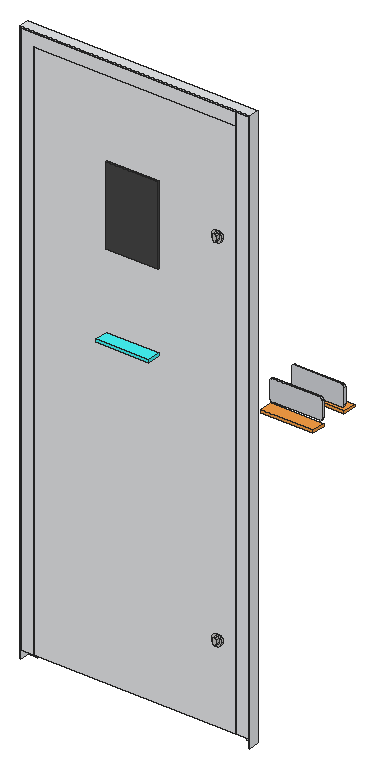
Revit family "VZ-PORTA-FERRO SIMPLES", category Doors, host Wall, Revit 2019
Family settings
  Host = Wall
  OmniClass Number = 23.30.10.00
  OmniClass Title = Doors
  Always vertical = Yes
  Cut with Voids When Loaded = No
  Shared = No
  Room Calculation Point = No
Parameters (values of type "PF01-80x210")
  VZA_CODIGO CLIENTE = "PF01"
  VZA_ACESSIBILIDADE = no
  Profundidade_Perfil = 4.00 cm
  PT_TIPO = "FERRO"
  PT_PUXADOR_FIXO = yes
  PT_MOLA_AEREA = yes
  PT_MAÇANETA_DESIGN_420 = no
  PT_LARGURA OSSO = Width + (2 * Batente)  # 88.00 cm
  PT_HDL_C90 = yes
  PT_FECHADURAS TETRA = yes
  PT_ALTURA OSSO = Height + (1 * Batente)  # 214.00 cm
  Model = ""
  Mat_Batente = .VZ-PINTURA-ESMALTE-BRANCO CORAL CORALIT
  Mat_Folha = .VZ-PINTURA-ESMALTE-BRANCO CORAL CORALIT
  Mat_Fechadura = .VZ-METAL-AÇO INOXIDÁVEL
  Largura_Folha = 87.00 cm
  Rough Width = 88.00 cm
  ID.G [instance] = VZ-CV-ID.G-PLACA DE PORTA GERAL : ID.G.02- ALMOXARIFADO
  Description = "PORTA CEGA, 01 FOLHA DE ABRIR EM AÇO DUPLA LISA, REVESTIDA EM ESMALTE BRANCO CORAL CORALIT E FIXADA COM GRAPAS METÁLICAS, COM FECHO ELÉTRICO 12V EMBUTIDO NO MARCO HDL C90 E PUXADOR FIXO PAPAIZ  (REF. 500, ACABAMENTO ACETINADO) TANTO NO LADO EXTERNO QUANTO NO LADO INTERNO DA PORTA, COM MOLA AÉREA DORMA POTÊNCIA 2, DUAS FECHADURAS TETRA COM A MESMA COMBINAÇÃO"
  Analytic Construction = "<Nenhum>"
  Function = Interior
  Esp_Perfil = 0.50 cm  # constant formula
  Esp_Marco = 3.50 cm  # constant formula
  Esp_Folha = 3.70 cm  # constant formula
  Deslocamento_Fechadura = 4.35 cm
  CV - Lado contrario da abertura [instance] = yes
  CV - Lado abertura da porta [instance] = yes
  CV - Distância do marco [instance] = 9.005 cm
  CONTRAPISO [instance] = 3.00 cm
  Batente = 4.00 cm  # constant formula
  Altura_Folha = 213.50 cm
  Altura_Fechadura = 110.00 cm
  Rough Height = 214.00 cm
  Height = 210.00 cm
  Wall Closure = By host
  Width = 80.00 cm
  AC.G [instance] = VZ-CV-AC.G-PLACA TÁTIL DE PORTA : AC.G.02- ALMOXARIFADO
Types (2, lengths in cm): name | VZA_CODIGO CLIENTE | PT_PUXADOR_FIXO | PT_MAÇANETA_DESIGN_420 | PT_HDL_C90 | Description | Deslocamento_Fechadura
  PF01-80x210 | "PF01" | yes | no | yes | "PORTA CEGA, 01 FOLHA DE ABRIR EM AÇO DUPLA LISA, REVESTIDA EM ESMALTE BRANCO CORAL CORALIT E FIXADA COM GRAPAS METÁLICAS, COM FECHO ELÉTRICO 12V EMBUTIDO NO MARCO HDL C90 E PUXADOR FIXO PAPAIZ  (REF. 500, ACABAMENTO ACETINADO) TANTO NO LADO EXTERNO QUANTO NO LADO INTERNO DA PORTA, COM MOLA AÉREA DORMA POTÊNCIA 2, DUAS FECHADURAS TETRA COM A MESMA COMBINAÇÃO" | 4.35
  PF02-80x210 | "PF02" | no | yes | no | "PORTA CEGA, 1 FOLHA DE ABRIR DE AÇO, REVESTIDA EM ESMALTE BRANCO CORAL CORALIT, DOBRADIÇA PAPAIZ  MODELO 1296 DE AÇO INOX 76X63MM ACETINADA, MAÇANETA E FECHADURA PAPAIZ (REF. DESIGN 420 ACETINADA) COM DUAS FECHADURAS TETRA COM A MESMA COMBINAÇÃO. MOLA AÉREA DORMA POTÊNCIA 2." | 8.20
Reference planes (cm)
  plane 1: y = 0
  plane 2 "Centro (Esquerda/Direita)": x = 0
  plane 3 "Esquerda": x = -44
  plane 4 "Direita": x = 44
  plane 5: z = 214
  plane 6 "Exterior": y = 5
  plane 7 "Interior": y = -5
  plane 8: x = -40
  plane 9: x = 40
  plane 10: z = 110
  plane 11: x = 43.5
  plane 12: x = -43.5
  plane 13: x = 35.65
  plane 14: y = -4
  plane 15: y = -0.5
  plane 16: x = -38.5
  plane 17: x = 38.5
  plane 18: z = 112.5
  plane 19: z = 107.5
  plane 20: y = -3.5
  plane 21: y = -1
  plane 22: z = 5
  plane 23: z = 208.5
  plane 24: z = 213.5
  plane 25: z = -3
  plane 26: x = 31.8
  plane 27: x = 53.005
  plane 28: y = -91
  plane 29: y = -83
  plane 30: y = -76
Forms (cm)
  Sweep 1, solid, material ".VZ-PINTURA-ESMALTE-BRANCO CORAL CORALIT" <- "Mat_Batente"
    path in 3D
      loop
        line (44, 5, -3) -> (44, 5, 214) -> (-44, 5, 214) -> (-44, 5, -3)
    profile origin (-44, 5, 105.5) x (1, 0, 0) y (0, 1, 0)
      loop
        line (0, -5) -> (0, -9) -> (0.5, -9) -> (0.5, -5.5) -> (4, -5.5) -> (4, -5) -> (0, -5)
  Sweep 2, solid, material ".VZ-PINTURA-ESMALTE-BRANCO CORAL CORALIT" <- "Mat_Folha"
    path in 3D
      loop
        line (44, 5, 0) -> (44, 5, 214) -> (-44, 5, 214) -> (-44, 5, 0)
    profile origin (-44, 5, 107) x (1, 0, 0) y (0, 1, 0)
      loop
        line (0.5, -9) -> (5.5, -9) -> (5.5, -5.5) -> (0.5, -5.5) -> (0.5, -9)
  Extrusion 3, solid, material ".VZ-PINTURA-ESMALTE-BRANCO CORAL CORALIT" <- "Mat_Folha"
    sketch origin (0, 5, 0) x (1, 0, 0) y (0, 0, 1)
      loop
        line (-38.5, 112.5) -> (-38.5, 107.5) -> (38.5, 107.5) -> (38.5, 112.5) -> (-38.5, 112.5)
    from 6 to 8.5
  Extrusion 4, solid, material ".VZ-PINTURA-ESMALTE-BRANCO CORAL CORALIT" <- "Mat_Folha"
    sketch origin (0, 0, 0) x (1, 0, 0) y (0, 1, 0)
      loop
        line (-38.5, -4) -> (38.5, -4) -> (38.5, -3.5) -> (-38.5, -3.5) -> (-38.5, -4)
    from 0 to 213.5
  Extrusion 5, solid
    sketch origin (0, -4.5, 0) x (1, 0, 0) y (0, 1, 0)
      loop
        line (-38.5, 4) -> (-38.5, 3.5) -> (38.5, 3.5) -> (38.5, 4) -> (-38.5, 4)
    from 0 to 213.5
  Extrusion 6, solid, material ".VZ-PINTURA-ESMALTE-BRANCO CORAL CORALIT" <- "Mat_Folha"
    sketch origin (0, 5, -105.5) x (1, 0, 0) y (0, 0, 1)
      loop
        line (-38.5, 110.5) -> (-38.5, 105.5) -> (38.5, 105.5) -> (38.5, 110.5) -> (-38.5, 110.5)
    from 6 to 8.5
Lines and regions (cm)
  Opening 1
    outline origin (-305, -5, 0) x (1, 0, 0) y (0, 0, 1)
      loop
        line (261, -3) -> (349, -3) -> (349, 214) -> (261, 214) -> (261, -3)
  symbolic lines, style "Giro da elevação"
    curve 1: line (38.5, -5, 110) -> (-44, -5, 214)
    curve 2: line (38.5, -5, 110) -> (-44, -5, 0)
  sketch lines
    curve 3: line (-44, 5, 214) -> (-44, 5, -3)
    curve 4: line (44, 5, 214) -> (-44, 5, 214)
    curve 5: line (44, 5, -3) -> (44, 5, 214)
    curve 6: line (-44, 5, 214) -> (-44, 5, 0)
    curve 7: line (44, 5, 214) -> (-44, 5, 214)
    curve 8: line (44, 5, 0) -> (44, 5, 214)
Text (cm)
  text "Exterior" at (-229.5016, 109.9543, 0), in view "Nível de referência"
  text "Exterior" at (0, 161.538, 369.8081), in view "Esquerda"
  text "Exterior" at (0, 103.6032, 387.4932), in view "Direita"
Dimensions and locks (cm)
  equal spacing: plane 3 "Esquerda", plane 2 "Centro (Esquerda/Direita)", plane 4 "Direita"
  "Rough Width": plane 3 "Esquerda" to plane 4 "Direita"
  "Rough Height": plane 5 to level
  host wall to plane 5 = 240.6571 cm  (x2)
  locked: plane 6 "Exterior" to host wall at 0
  locked: plane 7 "Interior" to host wall
  "Altura_Fechadura": level to plane 10
  "Batente": plane 3 "Esquerda" to plane 8
  "Batente": plane 9 to plane 4 "Direita"
  "Esp_Perfil": plane 11 to plane 4 "Direita"
  "Esp_Perfil": plane 3 "Esquerda" to plane 12
  "Profundidade_Perfil": host wall to plane 14
  "Esp_Perfil": host wall to plane 15
  plane 12 to plane 16 = 5.00 cm
  plane 17 to plane 11 = 5.00 cm
  plane 19 to plane 10 to plane 18 = 2.50 cm locked, 2.50 cm locked
  "Esp_Perfil": plane 20 to plane 14
  "Esp_Perfil": plane 15 to plane 21
  plane 22 to level = 5.00 cm
  Extrusion 4 to host wall = 3.50 cm
  "Deslocamento_Fechadura": plane 13 to plane 9
  locked: plane 5 to plane 23 at 5.5
  "CONTRAPISO": plane 25 to level
  Extrusion 5 to plane 13 = 2.85 cm
  "CV - Distância do marco": plane 4 "Direita" to plane 27
  nested 4 to nested 4 to nested 4 to nested 4 = 2.00 cm, 10.00 cm, 2.00 cm
  plane 28 to plane 29 = 8.00 cm
  plane 28 to plane 30 = 15.00 cm
  aligned and locked: plane 3 "Esquerda" to Opening 1 sketch curve
  aligned and locked: plane 5 to Opening 1 sketch curve  (x2)
  aligned and locked: Opening 1 sketch curve to plane 4 "Direita"
  aligned and locked: plane 1 to host wall
  aligned and locked: host wall to Sweep 1 sketch curve
  aligned and locked: Sweep 1 sketch curve to plane 8
  aligned and locked: plane 15 to Sweep 1 sketch curve
  aligned and locked: plane 12 to Sweep 1 sketch curve
  aligned and locked: plane 14 to Sweep 1 sketch curve
  aligned and locked: profile plane to Sweep 1 sketch curve
  aligned and locked: plane 12 to Sweep 2 sketch curve
  aligned and locked: plane 15 to Sweep 2 sketch curve
  aligned and locked: Sweep 2 sketch curve to plane 16
  aligned and locked: Extrusion 3 sketch curve to plane 19
  aligned and locked: plane 18 to Extrusion 3 sketch curve
  aligned and locked: plane 16 to Extrusion 3
  aligned and locked: plane 17 to Extrusion 3
  aligned and locked: plane 17 to Extrusion 4 sketch curve
  aligned and locked: plane 16 to Extrusion 4 sketch curve
  aligned and locked: Extrusion 4 sketch curve to plane 14
  aligned and locked: Extrusion 4 sketch curve to plane 20
  aligned and locked: Extrusion 5 sketch curve to plane 21
  aligned and locked: Extrusion 5 sketch curve to plane 16
  aligned and locked: Extrusion 5 sketch curve to plane 15
  aligned and locked: Extrusion 5 sketch curve to plane 17
  aligned and locked: Extrusion 6 to level
  aligned and locked: plane 22 to Extrusion 6
  aligned and locked: plane 12 to nested 1
  aligned and locked: nested 1 to plane 14
  aligned and locked: plane 14 to nested 3
  aligned and locked: plane 15 to nested 2
  aligned and locked: plane 21 to Extrusion 3
  aligned and locked: Extrusion 3 to plane 20
  aligned and locked: plane 21 to Extrusion 6
  aligned and locked: Extrusion 6 to plane 20
  aligned and locked: Extrusion 4 to level
  aligned and locked: Extrusion 5 to level
  aligned and locked: plane 24 to Extrusion 5
  aligned and locked: plane 24 to Extrusion 4
  aligned and locked: plane 25 to Opening 1 sketch curve
  aligned and locked: plane 10 to nested 4
  aligned and locked: plane 10 to nested 5
  aligned and locked: plane 10 to nested 2
  aligned and locked: nested 7 to plane 13
  aligned and locked: nested 8 to plane 13
  aligned and locked: plane 26 to nested 9
  aligned and locked: plane 26 to nested 10
  aligned and locked: plane 26 to nested 3
  aligned and locked: plane 10 to nested 3
  aligned and locked: plane 7 "Interior" to nested 12
  aligned and locked: nested 11 to plane 7 "Interior"
  aligned and locked: plane 6 "Exterior" to nested 13
  aligned and locked: plane 2 "Centro (Esquerda/Direita)" to nested 12
  aligned and locked: plane 2 "Centro (Esquerda/Direita)" to nested 13
  aligned and locked: plane 27 to nested 11  (x2)
  aligned and locked: plane 7 "Interior" to nested 11
  aligned and locked: nested 15 to plane 29
  aligned and locked: plane 12 to nested 15
  aligned and locked: nested 14 to plane 6 "Exterior"
  aligned and locked: plane 27 to nested 14
Automatic sketch dimensions
  Sweep 2 sketch curve to Sweep 2 sketch curve = 3.50 cm
  plane 16 to Extrusion 3 sketch curve = 0.00 cm
  Extrusion 3 sketch curve to plane 17 = 0.00 cm
  Extrusion 6 sketch curve to level = 0.00 cm
  plane 16 to Extrusion 6 sketch curve = 0.00 cm
  Extrusion 6 sketch curve to plane 17 = 0.00 cm
  Extrusion 6 sketch curve to plane 22 = 0.00 cm
  plane 3 "Esquerda" to curve 1 = 0.00 cm
  curve 2 to level = 0.00 cm
  plane 3 "Esquerda" to curve 2 = 0.00 cm
  curve 2 to plane 10 = 0.00 cm
  curve 1 to plane 17 = 0.00 cm
  curve 1 to plane 5 = 0.00 cm
Nested families (cm)
  nested 1: "Porta Ferro Simples 2D" at (-43.5, -4, 0), Largura_Folha <- "Largura_Folha", type "Porta Ferro Simples 2D"
    with Largura_Folha 87.00 cm
  nested 2: "Fechadura" at (31.8, -0.5, 110) x (-1, 0, 0) z (0, 0, 1), built-in parameter 1001364 <- "Altura_Fechadura", visible <- "PT_MAÇANETA_DESIGN_420", type "Fechadura"
  nested 3: "Fechadura" at (31.8, -4, 110) x (-1, 0, 0) z (0, 0, 1), built-in parameter 1001364 <- "Altura_Fechadura", visible <- "PT_MAÇANETA_DESIGN_420", type "Fechadura"
  nested 4: "VZA-ITEM DE DETALHE-PUXADOR FIXO PORTA AUTOMÁTICA" at (12.725, 5, 109.5) x (-1, 0, 0) z (0, -1, 0), visible <- "PT_PUXADOR_FIXO", type "VZA-ITEM DE DETALHE-PUXADOR FIXO PORTA AUTOMÁTICA"
  nested 5: "VZA-ITEM DE DETALHE-FECHADURA AUTOMÁTICA" at (32.075, 5, 110) x (-1, 0, 0) z (0, -1, 0), visible <- "PT_HDL_C90", type "VZA-ITEM DE DETALHE-FECHADURA AUTOMÁTICA"
  nested 6: "VZA-ITEM DE DETALHE-MOLA AÉREA" at (-30.611, 5, 198.1767) x (1, 0, 0) z (0, -1, 0), visible <- "PT_MOLA_AEREA", type "VZA-ITEM DE DETALHE-MOLA AÉREA"
  nested 7: "VZA-ITEM DE DETALHE-FECHADURA TETRA" at (35.65, -0.5, 30.0045) x (-1, 0, 0) z (0, 0, 1), visible <- "PT_FECHADURAS TETRA", type "VZA-ITEM DE DETALHE-FECHADURA TETRA"
  nested 8: "VZA-ITEM DE DETALHE-FECHADURA TETRA" at (35.65, -0.5, 168.5) x (-1, 0, 0) z (0, 0, 1), visible <- "PT_FECHADURAS TETRA", type "VZA-ITEM DE DETALHE-FECHADURA TETRA"
  nested 9: "VZA-ITEM DE DETALHE-FECHADURA TETRA" at (31.8, -4, 168.5) x (-1, 0, 0) z (0, 0, 1), visible <- "PT_FECHADURAS TETRA", type "VZA-ITEM DE DETALHE-FECHADURA TETRA"
  nested 10: "VZA-ITEM DE DETALHE-FECHADURA TETRA" at (31.8, -4, 30), visible <- "PT_FECHADURAS TETRA", type "VZA-ITEM DE DETALHE-FECHADURA TETRA"
  nested 11: "VZ-CV-AC.G-PLACA TÁTIL DE PORTA" at (63.005, -5, 0), visible <- "CV - Lado abertura da porta", type <- "AC.G", type "AC.G.02- ALMOXARIFADO"
  nested 12: "VZ-CV-ID.G-PLACA DE PORTA GERAL" at (0, -5, 0), type <- "ID.G", visible <- "CV - Lado abertura da porta", type "ID.G.02- ALMOXARIFADO"
  nested 13: "VZ-CV-ID.G-PLACA DE PORTA GERAL" at (0, 10, 0), type <- "ID.G", visible <- "CV - Lado contrario da abertura", type "ID.G.02- ALMOXARIFADO"
  nested 14: "VZ-CV-AC.G-PLACA TÁTIL DE PORTA" at (63.005, 5, 0) x (-1, 0, 0) z (0, 0, 1), visible <- "CV - Lado contrario da abertura", type <- "AC.G", type "AC.G.02- ALMOXARIFADO"
  nested 15: "VZA-MAÇANETA-2D" at (-39.8, -21.5, 0) x (-1, 0, 0) z (0, 0, 1), visible <- "PT_MAÇANETA_DESIGN_420", type "VZA-MAÇANETA-2D"
    with Largura_Folha 69.50 cm
Definition of nested family "Fechadura"
  Parameters (values of type "Fechadura")
    Material_Fechadura = none
  Reference planes (cm)
    plane 1 "Centro (Frente/Trás)": y = 0
    plane 2 "Centro": z = 0
    plane 3 "Centro (Esquerda/Direita)": x = 0
  Forms (cm)
    Extrusion 1, solid, material <- "Material_Fechadura"
      sketch origin (0, 0, 0) x (1, 0, 0) y (0, 0, 1)
        loop
          circle (0, 0) r 2.5
        loop
          circle (0, -8.3063) r 2
      from 0 to 0.5
    Extrusion 2, solid, material <- "Material_Fechadura"
      sketch origin (0, 0, 0) x (1, 0, 0) y (0, 0, 1)
        loop
          arc (0.6348, -7.5658) -> (0.0005, -6.9315) -> (-0.6338, -7.5658) r 0.6343
          line (-0.6338, -7.5658) -> (-0.6338, -9.0469)
          arc (-0.6338, -9.0469) -> (0.0005, -9.6812) -> (0.6348, -9.0469) r 0.6343
          line (0.6348, -9.0469) -> (0.6348, -7.5658)
      from 0 to 1.5
    Sweep 3, solid, material <- "Material_Fechadura"
      path origin (0, 0, 0) x (1, 0, 0) y (0, 1, 0)
        loop
          line (0, 0) -> (0, -1.1483)
          arc (0, -1.1483) -> (0.3959, -2.1041) -> (1.3517, -2.5) r 1.3517
          line (1.3517, -2.5) -> (10.5, -2.5)
      profile origin (0, -0.5742, 0) x (1, 0, 0) y (0, 0, 1)
        loop
          circle (0, 0) r 1.0056
  Cuts and joins
    joined: Extrusion 1, Extrusion 2, Sweep 3
  Dimensions and locks (cm)
    aligned and locked: level to plane 2 "Centro"
Definition of nested family "VZA-ITEM DE DETALHE-FECHADURA TETRA"
  Parameters (values of type "VZA-ITEM DE DETALHE-FECHADURA TETRA")
    Material_Fechadura = none
  Reference planes (cm)
    plane 1 "Centro (Frente/Trás)": y = 0
    plane 2 "Centro": z = 0
    plane 3 "Centro (Esquerda/Direita)": x = 0
  Forms (cm)
    Extrusion 1, solid, material <- "Material_Fechadura"
      sketch origin (0, 0, 8.3063) x (1, 0, 0) y (0, 0, 1)
        loop
          circle (0, -8.3063) r 2
      from 0 to 0.5
    Extrusion 2, solid, material <- "Material_Fechadura"
      sketch origin (0, 0, 8.3063) x (1, 0, 0) y (0, 0, 1)
        loop
          arc (0.6348, -7.5658) -> (0.0005, -6.9315) -> (-0.6338, -7.5658) r 0.6343
          line (-0.6338, -7.5658) -> (-0.6338, -9.0469)
          arc (-0.6338, -9.0469) -> (0.0005, -9.6812) -> (0.6348, -9.0469) r 0.6343
          line (0.6348, -9.0469) -> (0.6348, -7.5658)
      from 0 to 1.5
  Cuts and joins
    joined: Extrusion 1, Extrusion 2
  Dimensions and locks (cm)
    aligned and locked: level to plane 2 "Centro"
Definition of nested family "VZ-CV-AC.G-PLACA TÁTIL DE PORTA"
  Parameters (values of type "AC.G.08 VEST MASC")
    VZA_CODIGO CLIENTE = "AC.G.08"
    VZA_ACESSIBILIDADE = yes
    Keynote = ""
    Material Sinalização = none
    Largura Legenda = 20.00 cm  # constant formula
    Espessura Legenda = 1.00 cm  # constant formula
    Distancia Portas = 10.00 cm  # constant formula
    Description = "CV"
    Código EBS = "16403"
    Altura Legenda = 118.00 cm  # constant formula
    Altura (1,20 padrão/1,05 provador) [instance] = 120.00 cm
    Acessibilidade = "PNE"
  Types (42, lengths in cm): name | VZA_CODIGO CLIENTE | Código EBS
    AC.G.28 VM | "AC.G.28" | ""
    AC.G.38 SECRETARIA | "AC.G.38" | ""
    AC.G.32 SUBESTAÇÃO | "AC.G.32" | ""
    AC.G.31 GERADOR | "AC.G.31" | ""
    AC.G.30 QUADROS ELÉTRICOS | "AC.G.30" | ""
    AC.G.29 SALA AR CONDICIONADO | "AC.G.29" | ""
    AC.G.34 SALA CONTROLE | "AC.G.34" | ""
    AC.G.33 NO BREAK | "AC.G.33" | ""
    AC.G.27 SALA DESCANSO | "AC.G.27" | ""
    AC.G.26 COPA | "AC.G.26" | ""
    AC.G.25 REFEITÓRIO | "AC.G.25" | ""
    AC.G.24 SALA COSTURA | "AC.G.24" | ""
    AC.G.23 MATERIAIS RECICLÁVEIS | "AC.G.23" | ""
    AC.G.22 SALA LIMPEZA | "AC.G.22" | ""
    AC.G.21 SALA TREINAMENTOS | "AC.G.21" | ""
    AC.G.20 PREVENÇÃO PERDAS | "AC.G.20" | ""
    AC.G.19 TESOURARIA | "AC.G.19" | ""
    AC.G.18 FECHAMENTO CAIXA | "AC.G.18" | ""
    AC.G.17 GERÊNCIA REGIONAL | "AC.G.17" | ""
    AC.G.16 GERÊNCIA E TREINAMENTO | "AC.G.16" | ""
    AC.G.15 GERÊNCIA | "AC.G.15" | ""
    AC.G.11 SANIT UNISEX | "AC.G.11" | ""
    AC.G.10 SANIT MASC | "AC.G.10" | ""
    AC.G.09 SANIT FEM | "AC.G.09" | ""
    AC.G.08 VEST MASC | "AC.G.08" | "16403"
    AC.G.07 VEST FEM | "AC.G.07" | "16403"
    AC.G.06 RESERVA | "AC.G.06" | "16403"
    AC.G.05 RESERVA CALÇADOS | "AC.G.05" | "16403"
    AC.G.04 SALA OPERAÇÕES | "AC.G.04" | "16403"
    AC.G.03 PROD CONTROLADOS | "AC.G.03" | "16403"
    AC.G.02 ALMOXARIFADO | "AC.G.02" | "16403"
    AC.G.01 ACESSO RESTRITO | "AC.G.01" | "16403"
    AC.G.37  PROVADOR INFANTIL | "AC.G.37" | ""
    AC.G.36  PROVADOR MASCULINO | "AC.G.36" | ""
    AC.G.35  PROVADOR FEMININO | "AC.G.35" | ""
    AC.G.39 ESPACIO  OMNI | "AC.G.39" | ""
    AC.G.40 SALA DE INFORMÁTICA | "AC.G.40" | ""
    AC.G.41 SALA DE REUNIONES | "AC.G.41" | ""
    AC.G.42 SALA DE TRABAJO | "AC.G.42" | ""
    AC.G.14 SANIT UNISEX PCD | "AC.G.14" | ""
    AC.G.13 SANIT MASCULINO PCD | "AC.G.13" | ""
    AC.G.12 SANIT FEMININO PCD | "AC.G.12" | ""
  Reference planes (cm)
    plane 1 "Center (Front/Back)": y = 0
    plane 2: z = 0
    plane 3 "Center (Left/Right)": x = 0
    plane 4: z = 118
    plane 5: z = 119
    plane 6: x = -10
    plane 7: x = 10
    plane 8: x = -20
    plane 9: x = 20
  Forms (cm)
    Extrusion 1, solid
      sketch origin (30.5, -5, -30) x (-1, 0, 0) y (0, 0, 1)
        loop
          arc (20.5, 151) -> (20.7929, 150.2929) -> (21.5, 150) r 1
          line (21.5, 150) -> (39.5, 150)
          arc (39.5, 150) -> (40.2071, 150.2929) -> (40.5, 151) r 1
          line (40.5, 151) -> (40.5, 157)
          arc (40.5, 157) -> (40.2071, 157.7071) -> (39.5, 158) r 1
          line (39.5, 158) -> (21.5, 158)
          arc (21.5, 158) -> (20.7929, 157.7071) -> (20.5, 157) r 1
          line (20.5, 157) -> (20.5, 151)
      from 4.5 to 5
    Extrusion 2, solid, material <- "Material Sinalização"
      sketch origin (20, 0, 0) x (1, 0, 0) y (0, 1, 0)
        loop
          line (-30, 0) -> (-30, -5) -> (-10, -5) -> (-10, 0) -> (-30, 0)
      from 118 to 119
  Lines and regions (cm)
    model lines
      curve 1: line (-10, 0, 0) -> (10, 0, 0)
  Dimensions and locks (cm)
    Extrusion 1 to Extrusion 1 = 0.50 cm
    "Altura (1,20 padrão/1,05 provador)": Extrusion 1 to level
    plane 3 "Center (Left/Right)" to Extrusion 2 = 10.00 cm
    level to Extrusion 2 = 118.00 cm
    Extrusion 1 to Extrusion 1 = 20.00 cm
    Extrusion 1 to Extrusion 1 = 8.00 cm
    "Altura Legenda": plane 4 to level
    "Espessura Legenda": plane 5 to plane 4
    equal spacing: plane 7, plane 3 "Center (Left/Right)", plane 6
    "Largura Legenda": plane 7 to plane 6
    "Distancia Portas": plane 9 to plane 7
    "Distancia Portas": plane 6 to plane 8
    aligned and locked: level to plane 2
    aligned and locked: Extrusion 2 to plane 4
    aligned and locked: plane 5 to Extrusion 2
    aligned and locked: plane 7 to Extrusion 2
    aligned and locked: Extrusion 2 to plane 6
  Automatic sketch dimensions
    plane 3 "Center (Left/Right)" to Extrusion 1 sketch curve = 10.00 cm
    Extrusion 1 sketch curve to Extrusion 1 sketch curve = 1.00 cm  (x3)
    Extrusion 1 sketch curve to plane 3 "Center (Left/Right)" = 9.00 cm
    Extrusion 1 sketch curve to Extrusion 1 sketch curve = 0.00 cm
    level to Extrusion 1 sketch curve = 120.00 cm
    Extrusion 1 sketch curve to Extrusion 1 sketch curve = 6.00 cm
    plane 1 "Center (Front/Back)" to Extrusion 2 sketch curve = 0.00 cm
    plane 1 "Center (Front/Back)" to Extrusion 2 sketch curve = 5.00 cm
    Extrusion 2 sketch curve to plane 3 "Center (Left/Right)" = 10.00 cm
    plane 3 "Center (Left/Right)" to Extrusion 2 sketch curve = 10.00 cm
    plane 1 "Center (Front/Back)" to curve 1 = 0.00 cm
    curve 1 to plane 6 = 0.00 cm
    curve 1 to plane 7 = 0.00 cm
Definition of nested family "VZ-CV-ID.G-PLACA DE PORTA GERAL"
  Parameters (values of type "ID.G.01 ACESSO RESTRITO")
    VZA_CODIGO CLIENTE = "ID.G.01"
    VZA_ACESSIBILIDADE = no
    Material Sinalização = none
    Largura Legenda = 20.00 cm  # constant formula
    Espessura Legenda = 1.00 cm  # constant formula
    Description = "CV"
    Código EBS = "16649"
    Altura tirante [instance] = 25.00 cm
    Altura Placa = 150.00 cm
    Altura Legenda = 120.00 cm  # constant formula
  Types (40, lengths in cm): name | VZA_CODIGO CLIENTE | VZA_ACESSIBILIDADE | Código EBS
    ID.G.28 VM | "ID.G.28" | no | ""
    ID.G.33 NO BREAK | "ID.G.33" | no | ""
    ID.G.32 SUBESTAÇÃO | "ID.G.32" | no | ""
    ID.G.31 GERADOR | "ID.G.31" | no | ""
    ID.G.30 QUADROS ELÉTRICOS | "ID.G.30" | no | ""
    ID.G.29 SALA AR CONDICIONADO | "ID.G.29" | no | ""
    ID.G.27 SALA DE DESCANSO | "ID.G.27" | no | ""
    ID.G.26 COPA | "ID.G.26" | no | ""
    ID.G.25 REFEITÓRIO | "ID.G.25" | no | ""
    ID.G.24 SALA DE COSTURA | "ID.G.24" | no | ""
    ID.G.23 MATERIAIS RECICLÁVEIS | "ID.G.23" | no | ""
    ID.G.22 SALA DE LIMPEZA | "ID.G.22" | no | ""
    ID.G.21 SALA DE TREINAMENTOS | "ID.G.21" | no | ""
    ID.G.20 PREVENÇÃO DE PERDAS | "ID.G.20" | no | ""
    ID.G.18 FECHAMENTO CAIXA | "ID.G.18" | no | ""
    ID.G.17 GERÊNCIA REGIONAL | "ID.G.17" | no | ""
    ID.G.16 GERÊNCIA E TREINAMENTO | "ID.G.16" | no | ""
    ID.G.15 GERÊNCIA | "ID.G.15" | no | ""
    ID.G.13 SANITÁRIO MASCULINO PNE | "ID.G.13" | no | ""
    ID.G.12 SANITÁRIO FEMININO PNE | "ID.G.12" | no | ""
    ID.G.10 SANITÁRIO MASCULINO | "ID.G.10" | no | ""
    ID.G.09 SANITÁRIO FEMININO | "ID.G.09" | no | ""
    ID.G.08 VESTIÁRIO MASCULINO | "ID.G.08" | no | ""
    ID.G.07 VESTIÁRIO FEMININO | "ID.G.07" | no | ""
    ID.G.06 RESERVA | "ID.G.06" | no | ""
    ID.G.05 RESERVA CALÇADOS | "ID.G.05" | no | ""
    ID.G.04 SALA DE OPERAÇÕES | "ID.G.04" | no | ""
    ID.G.03 PRODUTOS CONTROLADOS | "ID.G.03" | no | ""
    ID.G.02 ALMOXARIFADO | "ID.G.02" | no | ""
    ID.G.01 ACESSO RESTRITO | "ID.G.01" | no | "16649"
    ID.G.38 SECRETARIA | "ID.G.38" | no | ""
    ID.G.39 ESPACIO  OMNI | "ID.G.39" | no | ""
    ID.G.14 SANITÁRIO UNISEX PNE | "ID.G.14" | yes | ""
    ID.G.34 SALA DE CONTROLE | "ID.G.34" | no | ""
    ID.G.19 TESOURARIA | "ID.G.19" | no | ""
    ID.G.11 SANITÁRIO UNISSEX | "ID.G.11" | no | ""
    ID.G.40 SALA DE INFORMÁTICA | "ID.G.40" | no | ""
    ID.G.41 SALA DE REUNIONES | "ID.G.41" | no | ""
    ID.G.42 SALA DE TRABAJO | "ID.G.42" | no | ""
    VZ-CV-ID.G-PLACA DE PORTA GERAL | "ID.G.41" | no | ""
  Reference planes (cm)
    plane 1 "Centro (Frente/Trás)": y = 0
    plane 2: z = 0
    plane 3 "Centro (Esquerda/Direita)": x = 0
    plane 4: z = 150
    plane 5: z = 120
    plane 6: z = 121
    plane 7: x = -10
    plane 8: x = 10
  Forms (cm)
    Extrusion 1, solid
      sketch origin (0, 0, 66.8819) x (-1, 0, 0) y (0, 0, -1)
        loop
          line (-10, -83.1181) -> (-10, -113.1181) -> (10, -113.1181) -> (10, -83.1181) -> (-10, -83.1181)
      from 0 to 0.5
    Extrusion 2, solid, material <- "Material Sinalização"
      sketch origin (0, 0, 0) x (1, 0, 0) y (0, 1, 0)
        loop
          line (-10, 0) -> (-10, -5) -> (10, -5) -> (10, 0) -> (-10, 0)
      from 120 to 121
    Extrusion 3, solid, not visible
      sketch origin (0, 0, 66.8819) x (-1, 0, 0) y (0, 0, -1)
        loop
          line (-10, -83.1181) -> (-10, -113.1181) -> (10, -113.1181) -> (10, -83.1181) -> (-10, -83.1181)
      from 0 to 0.5
  Lines and regions (cm)
    symbolic lines
      curve 1: line (-8, -0.5, 152) -> (8, -0.5, 152)
      curve 2: line (-8, -0.5, 163.5) -> (-8, -0.5, 152)
      curve 3: line (8, -0.5, 163.5) -> (-8, -0.5, 163.5)
      curve 4: line (8, -0.5, 152) -> (8, -0.5, 163.5)
    symbolic lines, not visible
      curve 5: line (-8, -0.5, 152) -> (8, -0.5, 152)
      curve 6: line (-8, -0.5, 163.5) -> (-8, -0.5, 152)
      curve 7: line (8, -0.5, 163.5) -> (-8, -0.5, 163.5)
      curve 8: line (8, -0.5, 152) -> (8, -0.5, 163.5)
  Dimensions and locks (cm)
    Extrusion 1 to Extrusion 1 = 20.00 cm
    Extrusion 1 to Extrusion 1 = 30.00 cm
    "Altura Placa": plane 4 to level
    locked: Extrusion 1 to plane 4 at 0
    equal spacing: plane 7, plane 3 "Centro (Esquerda/Direita)", plane 8
    "Largura Legenda": plane 7 to plane 8
    "Altura Legenda": plane 5 to level
    "Espessura Legenda": plane 6 to plane 5
    aligned and locked: level to plane 2
    aligned and locked: Extrusion 2 to plane 5
    aligned and locked: plane 6 to Extrusion 2
    aligned and locked: plane 7 to Extrusion 2
    aligned and locked: plane 8 to Extrusion 2
  Automatic sketch dimensions
    plane 1 "Centro (Frente/Trás)" to Extrusion 2 sketch curve = 0.00 cm
    Extrusion 2 sketch curve to plane 7 = 0.00 cm
    Extrusion 2 sketch curve to plane 8 = 0.00 cm
    plane 1 "Centro (Frente/Trás)" to Extrusion 2 sketch curve = 5.00 cm
Definition of nested family "Porta Ferro Simples 2D"
  Parameters (values of type "Porta Ferro Simples 2D")
    Largura_Folha [instance] = 69.50 cm
    Esp_Folha = 3.70 cm
  Reference planes (cm)
    plane 1 "Centro (Frente/Trás)": y = 0
    plane 2: z = 0
    plane 3 "Centro (Esquerda/Direita)": x = 0
    plane 4: x = 69.5
    plane 5: y = 69.5
    plane 6: x = 3.7
    plane 7: y = 5
    plane 8: y = 64.5
    plane 9: x = 0.5
    plane 10: x = 3.2
  Lines and regions (cm)
    Filled region 1, type "Diagonal", in view "Nível de referência"
      outline origin (0, 0, 0) x (1, 0, 0) y (0, 1, 0)
        loop
          line (0, 5) -> (0, 0) -> (3.7, 0) -> (3.7, 5) -> (0, 5)
    Filled region 2, type "Diagonal", in view "Nível de referência"
      outline origin (0, 0, 0) x (1, 0, 0) y (0, 1, 0)
        loop
          line (0, 5) -> (0, 0) -> (3.7, 0) -> (3.7, 5) -> (0, 5)
    Filled region 3, type "Diagonal", in view "Nível de referência"
      outline origin (0, 60.0111, 0) x (0, -1, 0) y (1, 0, 0)
        loop
          line (-4.4889, 0) -> (-4.4889, 3.7) -> (-9.4889, 3.7) -> (-9.4889, 0) -> (-4.4889, 0)
    Filled region 4, type "Diagonal", in view "Nível de referência"
      outline origin (0, 68.9889, 0) x (1, 0, 0) y (0, 1, 0)
        loop
          line (0, -4.4889) -> (0, -63.9889) -> (0.5, -63.9889) -> (0.5, -4.4889) -> (0, -4.4889)
    Filled region 5, type "Diagonal", in view "Nível de referência"
      outline origin (6.4, 68.9889, 0) x (0, 1, 0) y (-1, 0, 0)
        loop
          line (-4.4889, 2.7) -> (-4.4889, 3.2) -> (-63.9889, 3.2) -> (-63.9889, 2.7) -> (-4.4889, 2.7)
    detail lines, in view "Nível de referência"
      curve 1: line (0, 0, 0) -> (0, 69.5, 0)
      curve 2: line (0.5, 0, 0) -> (0, 0, 0)
      curve 3: line (3.7, 0, 0) -> (0, 0, 0)
      curve 4: line (3.7, 69.5, 0) -> (3.7, 0, 0)
      curve 5: arc (0, 69.5, 0) -> (49.1439, 49.1439, 0) -> (69.5, 0, 0) r 69.5
      curve 6: line (0, 69.5, 0) -> (3.7, 69.5, 0)
  Dimensions and locks (cm)
    "Largura_Folha": plane 5 to plane 1 "Centro (Frente/Trás)"
    "Largura_Folha": plane 3 "Centro (Esquerda/Direita)" to plane 4
    "Esp_Folha": plane 3 "Centro (Esquerda/Direita)" to plane 6
    locked: plane 5 to plane 8 at 5
    locked: plane 7 to plane 1 "Centro (Frente/Trás)" at 5
    locked: plane 3 "Centro (Esquerda/Direita)" to plane 9 at 0.5
    locked: plane 10 to plane 6 at 0.5
    "Largura_Folha": radius of curve 5
    aligned and locked: curve 2 to plane 1 "Centro (Frente/Trás)"
    aligned and locked: curve 3 to plane 1 "Centro (Frente/Trás)"
    aligned and locked: curve 6 to plane 5
    aligned and locked: Filled region 1 sketch curve to plane 1 "Centro (Frente/Trás)"
    aligned and locked: plane 6 to Filled region 1 sketch curve
    aligned and locked: plane 3 "Centro (Esquerda/Direita)" to Filled region 1 sketch curve
    aligned and locked: Filled region 2 sketch curve to plane 7
    aligned and locked: plane 3 "Centro (Esquerda/Direita)" to Filled region 2 sketch curve
    aligned and locked: Filled region 2 sketch curve to curve 2
    aligned and locked: curve 4 to Filled region 2 sketch curve
    aligned and locked: Filled region 1 sketch curve to plane 7
    aligned and locked: plane 5 to Filled region 3
    aligned and locked: Filled region 3 to plane 8
    aligned and locked: plane 8 to Filled region 4
    aligned and locked: plane 9 to Filled region 4
    aligned and locked: Filled region 4 to plane 3 "Centro (Esquerda/Direita)"
    aligned and locked: Filled region 4 to plane 7
    aligned and locked: Filled region 5 to plane 7
    aligned and locked: plane 8 to Filled region 5
    aligned and locked: Filled region 5 to plane 6
    aligned and locked: plane 10 to Filled region 5
  Automatic sketch dimensions
    Filled region 3 sketch curve to plane 3 "Centro (Esquerda/Direita)" = 0.00 cm
    Filled region 3 sketch curve to plane 5 = 0.00 cm
    Filled region 3 sketch curve to plane 8 = 0.00 cm
    Filled region 3 sketch curve to plane 6 = 0.00 cm
    Filled region 4 sketch curve to plane 3 "Centro (Esquerda/Direita)" = 0.00 cm
    Filled region 4 sketch curve to plane 7 = 0.00 cm
    Filled region 4 sketch curve to plane 9 = 0.00 cm
    Filled region 4 sketch curve to plane 8 = 0.00 cm
    Filled region 5 sketch curve to plane 7 = 0.00 cm
    Filled region 5 sketch curve to plane 8 = 0.00 cm
    Filled region 5 sketch curve to plane 6 = 0.00 cm
    Filled region 5 sketch curve to Filled region 5 sketch curve = 0.50 cm
    curve 1 to plane 3 "Centro (Esquerda/Direita)" = 0.00 cm
    curve 2 to plane 9 = 0.00 cm
    curve 3 to plane 6 = 0.00 cm
    plane 1 "Centro (Frente/Trás)" to curve 5 = 0.00 cm
Definition of nested family "VZA-ITEM DE DETALHE-PUXADOR FIXO PORTA AUTOMÁTICA"
  Reference planes (cm)
    plane 1 "Centro (Frente/Trás)": y = -0.5
    plane 2: z = 0
    plane 3 "Centro (Esquerda/Direita)": x = 0
  Lines and regions (cm)
    detail lines, in view "Nível de referência"
      curve 1: line (-4.5, -1.25, 0) -> (5.5, -1.25, 0)
      curve 2: line (5.5, -1.25, 0) -> (5.5, 0.25, 0)
      curve 3: line (5.5, 0.25, 0) -> (-4.5, 0.25, 0)
      curve 4: line (-6.5, 0.4, 0) -> (-6.5, -0.4, 0)
      curve 5: line (-6.5, 0.75, 0) -> (-6.5, -1.75, 0)
      curve 6: line (7.5, -1.75, 0) -> (7.5, 0.75, 0)
      curve 7: line (5.5, 0.25, 0) -> (5.5, 0.75, 0)
      curve 8: line (5.5, 0.75, 0) -> (7.5, 0.75, 0)
      curve 9: line (7.5, -1.75, 0) -> (5.5, -1.75, 0)
      curve 10: line (5.5, -1.75, 0) -> (5.5, -1.25, 0)
      curve 11: line (-4.5, 0.75, 0) -> (-4.5, -1.75, 0)
      curve 12: line (-6.5, 0.75, 0) -> (-4.5, 0.75, 0)
      curve 13: line (-4.5, -1.75, 0) -> (-6.5, -1.75, 0)
      curve 14: line (5.5, -1.75, 0) -> (7.5, -1.75, 0)
  Automatic sketch dimensions
    plane 1 "Centro (Frente/Trás)" to curve 13 = 1.25 cm
    curve 13 to plane 3 "Centro (Esquerda/Direita)" = 6.50 cm
    curve 5 to curve 11 = 2.00 cm
    curve 7 to plane 1 "Centro (Frente/Trás)" = 0.75 cm
    plane 3 "Centro (Esquerda/Direita)" to curve 7 = 5.50 cm
    curve 7 to curve 8 = 2.00 cm
    plane 1 "Centro (Frente/Trás)" to curve 14 = 1.25 cm
    curve 9 to curve 1 = 0.50 cm
    curve 2 to curve 7 = 0.50 cm
    curve 12 to plane 1 "Centro (Frente/Trás)" = 1.25 cm
    curve 4 to plane 1 "Centro (Frente/Trás)" = 0.10 cm
    curve 4 to curve 5 = 0.00 cm
    curve 4 to curve 5 = 0.35 cm
Definition of nested family "VZA-ITEM DE DETALHE-FECHADURA AUTOMÁTICA"
  Reference planes (cm)
    plane 1 "Centro (Frente/Trás)": y = 0
    plane 2: z = 0
    plane 3 "Centro (Esquerda/Direita)": x = 0
  Lines and regions (cm)
    detail lines, in view "Nível de referência"
      curve 1: line (6.425, 3.5625, 0) -> (6.425, -4.1875, 0)
      curve 2: line (4.925, -5.6875, 0) -> (-4.925, -5.6875, 0)
      curve 3: line (-6.425, -4.1875, 0) -> (-6.425, 3.5625, 0)
      curve 4: line (7.85, 2.475, 0) -> (7.85, -3.075, 0)
      curve 5: line (-6.425, 1.4792, 0) -> (-1.195, 1.4792, 0)
      curve 6: line (-6.425, -2.1042, 0) -> (-1.195, -2.1042, 0)
      curve 7: arc (-6.425, 3.5625, 0) -> (-5.9857, 4.6232, 0) -> (-4.925, 5.0625, 0) r 1.5
      curve 8: arc (6.425, 3.5625, 0) -> (5.9857, 4.6232, 0) -> (4.925, 5.0625, 0) r 1.5
      curve 9: arc (6.425, -4.1875, 0) -> (5.9857, -5.2482, 0) -> (4.925, -5.6875, 0) r 1.5
      curve 10: arc (-6.425, -4.1875, 0) -> (-5.9857, -5.2482, 0) -> (-4.925, -5.6875, 0) r 1.5
      curve 11: line (-4.925, 5.0625, 0) -> (4.925, 5.0625, 0)
      curve 12: line (6.425, 3.1875, 0) -> (7.1375, 3.1875, 0)
      curve 13: line (6.425, -3.7875, 0) -> (7.1375, -3.7875, 0)
      curve 14: arc (7.1375, 3.1875, 0) -> (7.6413, 2.9788, 0) -> (7.85, 2.475, 0) r 0.7125
      curve 15: arc (7.1375, -3.7875, 0) -> (7.6413, -3.5788, 0) -> (7.85, -3.075, 0) r 0.7125
      curve 16: line (5.925, 0.7463, 0) -> (5.925, -1.3713, 0)
      curve 17: line (-0.4671, -2.4042, 0) -> (4.8921, -2.4042, 0)
      curve 18: line (-0.4671, 1.7792, 0) -> (4.8921, 1.7792, 0)
      curve 19: line (-1.5, 0.7463, 0) -> (-1.5, -1.3713, 0)
      curve 20: line (5.62, 1.4792, 0) -> (6.425, 1.4792, 0)
      curve 21: line (5.62, -2.1042, 0) -> (6.425, -2.1042, 0)
      curve 22: arc (-1.5, 0.7463, 0) -> (-1.1975, 1.4766, 0) -> (-0.4671, 1.7792, 0) r 1.0329
      curve 23: arc (-1.5, -1.3713, 0) -> (-1.1975, -2.1016, 0) -> (-0.4671, -2.4042, 0) r 1.0329
      curve 24: arc (5.925, 0.7463, 0) -> (5.6225, 1.4766, 0) -> (4.8921, 1.7792, 0) r 1.0329
      curve 25: arc (5.925, -1.3713, 0) -> (5.6225, -2.1016, 0) -> (4.8921, -2.4042, 0) r 1.0329
      curve 26: line (2.925, 1.4792, 0) -> (4.8921, 1.4792, 0)
      curve 27: line (2.925, -2.1042, 0) -> (4.8921, -2.1042, 0)
      curve 28: line (5.625, 0.7463, 0) -> (5.625, -1.3713, 0)
      curve 29: arc (5.625, 0.7463, 0) -> (5.4103, 1.2645, 0) -> (4.8921, 1.4792, 0) r 0.7329
      curve 30: arc (5.625, -1.3713, 0) -> (5.4103, -1.8895, 0) -> (4.8921, -2.1042, 0) r 0.7329
      curve 31: line (2.925, 1.4792, 0) -> (2.925, -2.1042, 0)
      curve 32: line (2.325, 0.4961, 0) -> (2.325, -1.1211, 0)
      curve 33: line (-0.3169, -1.8042, 0) -> (1.6419, -1.8042, 0)
      curve 34: line (-0.3169, 1.1792, 0) -> (1.6419, 1.1792, 0)
      curve 35: line (-1, 0.4961, 0) -> (-1, -1.1211, 0)
      curve 36: arc (2.325, 0.4961, 0) -> (2.1249, 0.9791, 0) -> (1.6419, 1.1792, 0) r 0.6831
      curve 37: arc (-1, 0.4961, 0) -> (-0.7999, 0.9791, 0) -> (-0.3169, 1.1792, 0) r 0.6831
      curve 38: arc (2.325, -1.1211, 0) -> (2.1249, -1.6041, 0) -> (1.6419, -1.8042, 0) r 0.6831
      curve 39: arc (-1, -1.1211, 0) -> (-0.7999, -1.6041, 0) -> (-0.3169, -1.8042, 0) r 0.6831
      curve 40: circle (0.925, -0.3125, 0) r 1.2 normal (0, 0, 1)
      curve 41: circle (0.925, 0.0885, 0) r 0.6 normal (0, 0, 1)
      curve 42: circle (0.925, -1.0238, 0) r 0.2 normal (0, 0, 1)
      curve 43: line (-10.425, -4.1875, 0) -> (-10.425, 3.5625, 0)
      curve 44: arc (-6.425, -4.1875, 0) -> (-6.8643, -5.2482, 0) -> (-7.925, -5.6875, 0) r 1.5
      curve 45: arc (-6.425, 3.5625, 0) -> (-6.8643, 4.6232, 0) -> (-7.925, 5.0625, 0) r 1.5
      curve 46: arc (-10.425, -4.1875, 0) -> (-9.9857, -5.2482, 0) -> (-8.925, -5.6875, 0) r 1.5
      curve 47: arc (-10.425, 3.5625, 0) -> (-9.9857, 4.6232, 0) -> (-8.925, 5.0625, 0) r 1.5
      curve 48: line (-8.925, 5.0625, 0) -> (-7.925, 5.0625, 0)
      curve 49: line (-8.925, -5.6875, 0) -> (-7.925, -5.6875, 0)
Definition of nested family "VZA-ITEM DE DETALHE-MOLA AÉREA"
  Reference planes (cm)
    plane 1 "Centro (Frente/Trás)": y = 0
    plane 2: z = 0
    plane 3 "Centro (Esquerda/Direita)": x = 0
    plane 4: y = 11.6128
    plane 5: x = 37.2171
  Lines and regions (cm)
    detail lines, in view "Nível de referência"
      curve 1: line (0, 7.7229, 0) -> (37.2171, 7.7229, 0)
      curve 2: line (37.2171, 7.7229, 0) -> (37.2171, 0, 0)
      curve 3: line (37.2171, 0, 0) -> (0, 0, 0)
      curve 4: line (0, 0, 0) -> (0, 7.7229, 0)
      curve 5: line (11.4906, 7.7229, 0) -> (11.4906, 10.3642, 0)
      curve 6: line (11.4906, 10.3642, 0) -> (11.1227, 10.3642, 0)
      curve 7: line (11.1227, 10.3642, 0) -> (11.1227, 11.6128, 0)
      curve 8: line (11.1227, 11.6128, 0) -> (25.5978, 11.6128, 0)
      curve 9: line (25.5978, 11.6128, 0) -> (25.5978, 13.6757, 0)
      curve 10: line (25.5978, 13.6757, 0) -> (16.7507, 13.6757, 0)
      curve 11: line (16.7507, 13.6757, 0) -> (16.7507, 11.6128, 0)
      curve 12: line (21.5022, 11.6128, 0) -> (21.5022, 10.3233, 0)
      curve 13: line (21.5022, 10.3233, 0) -> (14.9857, 10.3233, 0)
      curve 14: line (14.9857, 10.3233, 0) -> (14.9857, 7.7229, 0)
      curve 15: line (5.4736, 8.8354, 0) -> (5.4736, 10.4354, 0)
      curve 16: line (5.4736, 10.4354, 0) -> (7.0736, 10.4354, 0)
      curve 17: line (7.0736, 10.4354, 0) -> (7.0736, 8.8354, 0)
      curve 18: line (7.0736, 8.8354, 0) -> (5.4736, 8.8354, 0)
Definition of nested family "VZA-MAÇANETA-2D"
  Parameters (values of type "VZA-MAÇANETA-2D")
    Largura_Folha [instance] = 69.50 cm
    Esp_Folha = 3.70 cm
  Reference planes (cm)
    plane 1 "Centro (Frente/Trás)": y = 0
    plane 2: z = 0
    plane 3 "Centro (Esquerda/Direita)": x = 0
    plane 4: x = 69.5
    plane 5: y = 69.5
    plane 6: y = 61.5
    plane 7: y = 64.5
  Dimensions and locks (cm)
    "Largura_Folha": plane 3 "Centro (Esquerda/Direita)" to plane 4
    locked: plane 6 to plane 5 at 8
    locked: plane 5 to plane 7 at 5
    aligned and locked: plane 3 "Centro (Esquerda/Direita)" to nested 1
    aligned and locked: plane 6 to nested 1
    aligned and locked: nested 2 to plane 6
  Nested families (cm)
    nested 1: "Fechadura_2D" at (0, 61.5, 0), type "Fechadura_2D", in view "Nível de referência"
    nested 2: "Fechadura_2D" at (3.7, 61.5, 0) x (-1, 0, 0) z (0, 0, 1), type "Fechadura_2D", in view "Nível de referência"
  Definition of nested family "Fechadura_2D"
    Reference planes (cm)
      plane 1 "Centro (Frente/Trás)": y = 0
      plane 2: z = 0
      plane 3 "Centro (Esquerda/Direita)": x = 0
    Lines and regions (cm)
      model lines, in view "Nível de referência"
        curve 1: arc (-3.7939, 0.6123, 0) -> (-3.7453, 0.6448, 0) -> (-3.6879, 0.6562, 0) r 0.15
        curve 2: arc (-4.125, 0.2191, 0) -> (-4.1136, 0.2765, 0) -> (-4.0811, 0.3252, 0) r 0.15
        curve 3: arc (-0.225, 2.25, 0) -> (-0.3311, 2.2061, 0) -> (-0.375, 2.1, 0) r 0.15
        curve 4: arc (-0.375, -2.1, 0) -> (-0.3311, -2.2061, 0) -> (-0.225, -2.25, 0) r 0.15
        curve 5: arc (-3.375, -6.6937, 0) -> (-3.4189, -6.7998, 0) -> (-3.525, -6.8437, 0) r 0.15
        curve 6: line (-3.375, 0.6562, 0) -> (-3.375, -6.6937, 0)
        curve 7: line (-4.125, 0.2191, 0) -> (-4.125, -0.6562, 0)
        curve 8: line (-4.125, -0.6562, 0) -> (-3.9419, -6.6983, 0)
        curve 9: line (-0.375, -0.75, 0) -> (-1.125, -0.75, 0)
        curve 10: line (-1.125, -0.75, 0) -> (-1.125, 0.75, 0)
        curve 11: line (-1.125, 0.75, 0) -> (-0.375, 0.75, 0)
        curve 12: line (-3.7939, 0.6123, 0) -> (-4.0811, 0.3252, 0)
        curve 13: line (-1.125, 0.6562, 0) -> (-3.6879, 0.6562, 0)
        curve 14: line (-1.125, 0.2063, 0) -> (-3.375, 0.2063, 0)
        curve 15: line (-1.125, 0.4313, 0) -> (-3.375, 0.4313, 0)
        curve 16: line (-1.125, 0.5813, 0) -> (-3.375, 0.5813, 0)
        curve 17: line (-1.125, -0.2063, 0) -> (-3.375, -0.2063, 0)
        curve 18: line (-1.125, -0.4313, 0) -> (-3.375, -0.4313, 0)
        curve 19: line (-1.125, -0.5813, 0) -> (-3.375, -0.5813, 0)
        curve 20: line (-1.125, -0.6562, 0) -> (-3.375, -0.6562, 0)
        curve 21: line (-0.225, -2.25, 0) -> (0, -2.25, 0)
        curve 22: line (0, -2.25, 0) -> (0, 2.25, 0)
        curve 23: line (0, 2.25, 0) -> (-0.225, 2.25, 0)
        curve 24: line (-0.375, 2.1, 0) -> (-0.375, -2.1, 0)
        curve 25: line (-3.525, -6.8438, 0) -> (-3.792, -6.8438, 0)
        curve 26: arc (-3.792, -6.8437, 0) -> (-3.8964, -6.8014, 0) -> (-3.9419, -6.6983, 0) r 0.15
